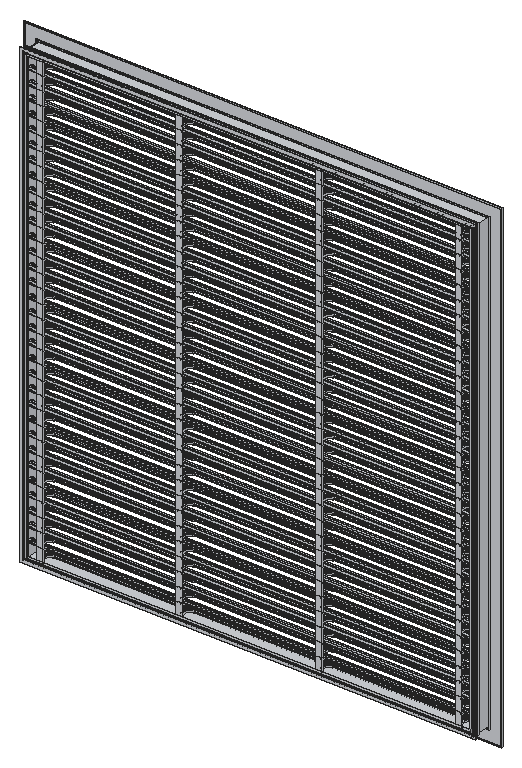
Revit family "NLRS_00_GM_Akoesische muurrooster_ST-445-86_Storax", category Generic Models, Revit 2019
Family settings
  Can host rebar = No
  Round Connector Dimension = Use Diameter
  Part Type = Normal
  Work Plane-Based = Yes
  Always vertical = No
  Cut with Voids When Loaded = Yes
  Shared = No
  Room Calculation Point = No
Parameters
  Width [instance] = 2000 mm
  VerticalSpacingLamel = 60 mm  # constant formula
  Rooster Start = 19 mm
  Rooster End = 19 mm
  LamellendragerHoH [instance] = 500 mm
  LamellendragerArayNumber [instance] = (Width - ArrayStartLeft - ArrayStartRight) / LamellendragerHoH  # 4
  Height [instance] = 2000 mm
  Default Elevation = 1219.2 mm
  Calculated Width Rooster [instance] = Width - Rooster Start - Rooster End  # 1962 mm
  Calculated Heigth Rooster [instance] = Calculated Height - 60 mm  # 1967 mm
  Calculated Height [instance] = round((Height - 47 mm) / VerticalSpacingLamel) * VerticalSpacingLamel + 47 mm  # 2027 mm
  Blade Number MODIFIER [instance] = 0
  Blade Height [instance] = Height - (19 mm * 2)  # 1962 mm
  ArrayStartRight [instance] = ArrayStartLeft  # 80 mm
  ArrayStartLeft [instance] = 80 mm
Reference planes
  plane 1 "Center (Front/Back)": y = 0
  plane 2 "Bottom": z = 0
  plane 3 "Left": x = 0
  plane 4 "Right": x = 2000
  plane 5 "Top": z = 2027
  plane 6: x = 80
  plane 7: x = 1920
  plane 8: z = 2000
  plane 9: x = 19
  plane 10: x = 1981
Forms (mm)
  Sweep 1, solid
    path origin (0, 0, 0) x (1, 0, 0) y (0, 0, 1)
      loop
        line (0, 2027) -> (0, 0) -> (2000, 0) -> (2000, 2027) -> (0, 2027)
    profile "Profiel_ST-445-86 : Profiel_ST-445-86" origin (1000, 0, 2027) x (0, 0, 1) y (0, -1, 0)
      loop
        line (48.66, -5) -> (50, 0) -> (45.5, 0) -> (45.5, -1.25) -> (47.5, -1.25) -> (47.5, -3) -> (-6.8, -3) -> (-6.8, -1.25) -> (-4.8, -1.25) -> (-4.8, 0.515) -> (-6.002, 1.717) -> (-6.305, 0) -> (-8.8, 0) -> (-8.8, -3) -> (-12, -3) -> (-12, 56.8) -> (-8.8, 56.8) -> (-8.8, 54.3) -> (-6.8, 54.3) -> (-6.8, 58.3) -> (-8.35, 58.3) -> (-8.35, 60.05) -> (-9.85, 60.05) -> (-9.85, 58.3) -> (-12, 58.3) -> (-12, 80) -> (-9.85, 80) -> (-9.85, 78.25) -> (-8.35, 78.25) -> (-8.35, 80) -> (-1.283, 80) -> (0, 78.717) -> (0, 81.5) -> (-14, 81.5) -> (-14, 76.5) -> (-18, 76.5) -> (-18, 79.134)
        arc (-18, 79.134) -> (-18, 80.866) -> (-19.5, 80) r 1
        line (-19.5, 80) -> (-19.5, 76.5) -> (-27.5, 76.5) -> (-27.5, 75) -> (-14, 75) -> (-14, -5) -> (48.66, -5)
Dimensions and locks
  "Width": plane 4 "Right" to plane 3 "Left"
  "Calculated Height": plane 5 "Top" to plane 2 "Bottom"
  equal spacing: group 1, group 3, group 4, group 2  (x3)
  "ArrayStartLeft": plane 6 to plane 3 "Left"
  "ArrayStartRight": plane 4 "Right" to plane 7
  "Height": plane 8 to plane 2 "Bottom"
  "Rooster Start": plane 9 to plane 3 "Left"
  "Rooster End": plane 4 "Right" to plane 10
  aligned and locked: level to plane 2 "Bottom"
  aligned and locked: Sweep 1 sketch curve to plane 5 "Top"
  aligned and locked: plane 3 "Left" to Sweep 1 sketch curve
  aligned and locked: Sweep 1 sketch curve to plane 2 "Bottom"
  aligned and locked: Sweep 1 sketch curve to plane 4 "Right"
  aligned and locked: nested 1 to plane 6
  aligned and locked: nested 2 to plane 7
  aligned and locked: nested 3 to plane 9
Nested families
  nested 1: "NLRS_21_GM_Lamellenhouder_ST-060-AC-11-12" at (80, -75, 22.894) x (0, -1, 0) z (0, 0, 1), Length <- "Blade Height", Blade Number MODIFIER <- "Blade Number MODIFIER", type "NLRS_21_GM_Lamellenhouder_ST-060-AC-11-12"
    with Length 1962 mm, Blade Spacing 60 mm, Blade Number MODIFIER 0, Blade Number 33
  nested 2: "NLRS_21_GM_Lamellenhouder_ST-060-AC-11-12" at (1920, -75, 22.894) x (0, -1, 0) z (0, 0, 1), Length <- "Blade Height", Blade Number MODIFIER <- "Blade Number MODIFIER", type "NLRS_21_GM_Lamellenhouder_ST-060-AC-11-12"
    with Length 1962 mm, Blade Spacing 60 mm, Blade Number MODIFIER 0, Blade Number 33
  nested 3: "NLRS_21_GM_Lamellenrooster_ST-060-AC-11-12" at (1000, -60.49, 19) x (0, -1, 0) z (0, 0, 1), Length <- "Calculated Heigth Rooster", Width <- "Calculated Width Rooster", type "NLRS_21_GM_Lamellenrooster_ST-060-AC-11-12"
    with Width 1962 mm, Length 1967 mm, Blade Spacing 60 mm, Blade Number MODIFIER 0, Blade Number 33
  nested 4: "NLRS_21_GM_Lamellenhouder_ST-060-AC-11-12" at (693.333, -75, 22.894) x (0, -1, 0) z (0, 0, 1), Length <- "Blade Height", Blade Number MODIFIER <- "Blade Number MODIFIER", type "NLRS_21_GM_Lamellenhouder_ST-060-AC-11-12"
    with Length 1962 mm, Blade Spacing 60 mm, Blade Number MODIFIER 0, Blade Number 33
  nested 5: "NLRS_21_GM_Lamellenhouder_ST-060-AC-11-12" at (1306.667, -75, 22.894) x (0, -1, 0) z (0, 0, 1), Length <- "Blade Height", Blade Number MODIFIER <- "Blade Number MODIFIER", type "NLRS_21_GM_Lamellenhouder_ST-060-AC-11-12"
    with Length 1962 mm, Blade Spacing 60 mm, Blade Number MODIFIER 0, Blade Number 33
Definition of nested family "NLRS_21_GM_Lamellenhouder_ST-060-AC-11-12"
  Parameters (values of type "NLRS_21_GM_Lamellenhouder_ST-060-AC-11-12")
    Length [instance] = 600 mm
    Blade Spacing [instance] = 60 mm
    Blade Number MODIFIER [instance] = 0
    Blade Number [instance] = (Length / Blade Spacing) + Blade Number MODIFIER  # 10
  Reference planes
    plane 1 "Center (Front/Back)": y = 0
    plane 2: z = 0
    plane 3 "Center (Left/Right)": x = 0
    plane 4: z = 600
    plane 5: z = 60
    plane 6: z = 120
    plane 7: z = 180
    plane 8: z = 240
    plane 9: z = 300
    plane 10: z = 0
    plane 11: z = 60
    plane 12: z = 120
    plane 13: z = 180
    plane 14: z = 240
    plane 15: z = 360
    plane 16: z = 300
    plane 17: z = 420
    plane 18: z = 360
    plane 19: z = 480
    plane 20: z = 420
    plane 21: z = 540
    plane 22: z = 480
    plane 23: z = 600
    plane 24: z = 540
  Dimensions and locks
    equal spacing: group 1, group 2, group 3, group 4, group 5, group 6, group 7, group 8, group 9, group 10  (x3)
    "Blade Spacing": plane 5 to plane 10
    "Length": plane 4 to level
    aligned and locked: level to plane 2
  Nested families
    nested 1: "NLRS_00_GM_PRF_ST-060-AC-11-12" at (0, 0, 0) x (0, -1, 0) z (0, 0, 1), type "NLRS_00_GM_PRF_ST-060-AC-11-12"
    nested 2: "NLRS_00_GM_PRF_ST-060-AC-11-12" at (0, 0, 60) x (0, -1, 0) z (0, 0, 1), type "NLRS_00_GM_PRF_ST-060-AC-11-12"
    nested 3: "NLRS_00_GM_PRF_ST-060-AC-11-12" at (0, 0, 120) x (0, -1, 0) z (0, 0, 1), type "NLRS_00_GM_PRF_ST-060-AC-11-12"
    nested 4: "NLRS_00_GM_PRF_ST-060-AC-11-12" at (0, 0, 180) x (0, -1, 0) z (0, 0, 1), type "NLRS_00_GM_PRF_ST-060-AC-11-12"
    nested 5: "NLRS_00_GM_PRF_ST-060-AC-11-12" at (0, 0, 240) x (0, -1, 0) z (0, 0, 1), type "NLRS_00_GM_PRF_ST-060-AC-11-12"
    nested 6: "NLRS_00_GM_PRF_ST-060-AC-11-12" at (0, 0, 300) x (0, -1, 0) z (0, 0, 1), type "NLRS_00_GM_PRF_ST-060-AC-11-12"
    nested 7: "NLRS_00_GM_PRF_ST-060-AC-11-12" at (0, 0, 360) x (0, -1, 0) z (0, 0, 1), type "NLRS_00_GM_PRF_ST-060-AC-11-12"
    nested 8: "NLRS_00_GM_PRF_ST-060-AC-11-12" at (0, 0, 420) x (0, -1, 0) z (0, 0, 1), type "NLRS_00_GM_PRF_ST-060-AC-11-12"
    nested 9: "NLRS_00_GM_PRF_ST-060-AC-11-12" at (0, 0, 480) x (0, -1, 0) z (0, 0, 1), type "NLRS_00_GM_PRF_ST-060-AC-11-12"
    nested 10: "NLRS_00_GM_PRF_ST-060-AC-11-12" at (0, 0, 540) x (0, -1, 0) z (0, 0, 1), type "NLRS_00_GM_PRF_ST-060-AC-11-12"
  Definition of nested family "NLRS_00_GM_PRF_ST-060-AC-11-12"
    Parameters
      Connector width = 232.51 mm
    Reference planes
      plane 1 "Center (Front/Back)": y = 0
      plane 2: z = 0
      plane 3 "Center (Left/Right)": x = 0
    Forms (mm)
      Sweep 1, solid
        path origin (0, 0, 0) x (1, 0, 0) y (0, 1, 0)
          loop
            line (14, 0) -> (-14, 0)
        profile "NLRS_00_PRF_ST-060-AC-11-12 : NLRS_00_PRF_ST-060-AC-11-12" origin (0, 0, 0) x (0, -1, 0) y (0, 0, 1)
          loop
            line (59.317, -1.551) -> (61.193, -4) -> (62.7, -4)
            arc (62.7, -4) -> (63.148, -3.721) -> (63.097, -3.196) r 0.5
            line (63.097, -3.196) -> (59.833, 1.065) -> (61.013, 2.146) -> (62.362, 0.908)
            arc (62.362, 0.908) -> (62.901, 0.819) -> (63.2, 1.276) r 0.5
            line (63.2, 1.276) -> (63.2, 3.671)
            arc (63.2, 3.671) -> (62.006, 5.502) -> (59.85, 5.147) r 2
            line (59.85, 5.147) -> (59.115, 4.474)
            arc (59.115, 4.474) -> (58.076, 3.975) -> (56.934, 4.131) r 2
            line (56.934, 4.131) -> (31.126, 15.917)
            arc (31.126, 15.917) -> (27.409, 17.191) -> (23.515, 17.713) r 20
            line (23.515, 17.713) -> (3.965, 18.395)
            arc (3.965, 18.395) -> (3.281, 18.7) -> (3, 19.395) r 1
            line (3, 19.395) -> (3, 49.245)
            arc (3, 49.245) -> (3.746, 50.802) -> (5.426, 51.199) r 2
            arc (5.426, 51.199) -> (10.671, 49.093) -> (14.935, 45.385) r 17
            arc (14.935, 45.385) -> (16.062, 44.536) -> (17.453, 44.296) r 3
            arc (17.453, 44.296) -> (18.649, 44.459) -> (19.684, 45.08) r 3
            line (19.684, 45.08) -> (21.901, 47.117)
            arc (21.901, 47.117) -> (22.411, 49.316) -> (20.547, 50.59) r 2
            line (20.547, 50.59) -> (17.044, 50.59) -> (18.78, 48.323) -> (17.598, 47.238) -> (15.328, 49.322)
            arc (15.328, 49.322) -> (9.588, 53.012) -> (2.943, 54.557) r 20
            arc (2.943, 54.557) -> (2.273, 54.869) -> (2, 55.555) r 1
            line (2, 55.555) -> (2, 60) -> (0, 60) -> (0, 0) -> (2.1, 0) -> (2.1, -4) -> (4, -4) -> (4, 2) -> (3, 2) -> (3, 11.168)
            arc (3, 11.168) -> (3.586, 12.582) -> (5, 13.168) r 2
            line (5, 13.168) -> (24.169, 13.168)
            arc (24.169, 13.168) -> (27.297, 12.859) -> (30.304, 11.945) r 16
            line (30.304, 11.945) -> (55.213, 1.604)
            arc (55.213, 1.604) -> (57.473, 0.297) -> (59.317, -1.551) r 10
    Dimensions and locks
      aligned and locked: level to plane 2
Definition of nested family "NLRS_21_GM_Lamellenrooster_ST-060-AC-11-12"
  Parameters (values of type "NLRS_21_GM_Lamellenrooster_ST-060-AC-11-12")
    Width [instance] = 600 mm
    Length [instance] = 600 mm
    Blade Spacing [instance] = 60 mm
    Blade Number MODIFIER [instance] = 0
    Blade Number [instance] = (Length / Blade Spacing) + Blade Number MODIFIER  # 10
  Reference planes
    plane 1 "Center (Front/Back)": y = 0
    plane 2: z = 0
    plane 3 "Center (Left/Right)": x = 0
    plane 4: z = 600
    plane 5: z = 60
    plane 6: z = 0
    plane 7: z = 0
    plane 8: z = 120
    plane 9: z = 60
    plane 10: z = 180
    plane 11: z = 120
    plane 12: z = 240
    plane 13: z = 180
    plane 14: z = 300
    plane 15: z = 240
    plane 16: z = 360
    plane 17: z = 300
    plane 18: z = 420
    plane 19: z = 360
    plane 20: z = 480
    plane 21: z = 420
    plane 22: z = 540
    plane 23: z = 480
    plane 24: z = 600
    plane 25: z = 540
  Dimensions and locks
    "Blade Spacing": plane 5 to plane 6
    "Length": plane 4 to level
    equal spacing: group 1, group 2, group 3, group 4, group 5, group 6, group 7, group 8, group 9, group 10  (x3)
    aligned and locked: level to plane 2
  Nested families
    nested 1: "NLRS_00_GM_PRF_Rooster" at (-63.988, 0, 0) x (0, -1, 0) z (0, 0, 1), Width <- "Width", type "NLRS_00_GM_PRF_Rooster"
      with Width 600 mm, Length 500 mm
    nested 2: "NLRS_00_GM_PRF_Rooster" at (-63.988, 0, 60) x (0, -1, 0) z (0, 0, 1), Width <- "Width", type "NLRS_00_GM_PRF_Rooster"
      with Width 600 mm, Length 500 mm
    nested 3: "NLRS_00_GM_PRF_Rooster" at (-63.988, 0, 120) x (0, -1, 0) z (0, 0, 1), Width <- "Width", type "NLRS_00_GM_PRF_Rooster"
      with Width 600 mm, Length 500 mm
    nested 4: "NLRS_00_GM_PRF_Rooster" at (-63.988, 0, 180) x (0, -1, 0) z (0, 0, 1), Width <- "Width", type "NLRS_00_GM_PRF_Rooster"
      with Width 600 mm, Length 500 mm
    nested 5: "NLRS_00_GM_PRF_Rooster" at (-63.988, 0, 240) x (0, -1, 0) z (0, 0, 1), Width <- "Width", type "NLRS_00_GM_PRF_Rooster"
      with Width 600 mm, Length 500 mm
    nested 6: "NLRS_00_GM_PRF_Rooster" at (-63.988, 0, 300) x (0, -1, 0) z (0, 0, 1), Width <- "Width", type "NLRS_00_GM_PRF_Rooster"
      with Width 600 mm, Length 500 mm
    nested 7: "NLRS_00_GM_PRF_Rooster" at (-63.988, 0, 360) x (0, -1, 0) z (0, 0, 1), Width <- "Width", type "NLRS_00_GM_PRF_Rooster"
      with Width 600 mm, Length 500 mm
    nested 8: "NLRS_00_GM_PRF_Rooster" at (-63.988, 0, 420) x (0, -1, 0) z (0, 0, 1), Width <- "Width", type "NLRS_00_GM_PRF_Rooster"
      with Width 600 mm, Length 500 mm
    nested 9: "NLRS_00_GM_PRF_Rooster" at (-63.988, 0, 480) x (0, -1, 0) z (0, 0, 1), Width <- "Width", type "NLRS_00_GM_PRF_Rooster"
      with Width 600 mm, Length 500 mm
    nested 10: "NLRS_00_GM_PRF_Rooster" at (-63.988, 0, 540) x (0, -1, 0) z (0, 0, 1), Width <- "Width", type "NLRS_00_GM_PRF_Rooster"
      with Width 600 mm, Length 500 mm
  Definition of nested family "NLRS_00_GM_PRF_Rooster"
    Parameters (values of type "NLRS_00_GM_PRF_Rooster")
      Width [instance] = 900 mm
      Length [instance] = 500 mm
      Connector width = 232.51 mm
    Reference planes
      plane 1 "Center (Front/Back)": y = 0
      plane 2: z = 0
      plane 3 "Center (Left/Right)": x = 0
      plane 4: x = -450
      plane 5: x = 450
    Forms (mm)
      Sweep 1, solid
        path origin (0, 0, 0) x (1, 0, 0) y (0, 1, 0)
          loop
            line (450, 0) -> (-450, 0)
        profile "NLRS_00_GM_PRF_Akoestische Rooster : NLRS_00_GM_PRF_Akoestische Rooster" origin (0, 0, 0) x (0, -1, 0) y (0, 0, 1)
          loop
            line (18.592, 5.027) -> (17.485, 6.04) -> (14.438, 2.707)
            arc (14.438, 2.707) -> (13.984, 2.369) -> (13.437, 2.223) r 1.5
            line (13.437, 2.223) -> (4.286, 1.574)
            arc (4.286, 1.574) -> (1.972, 1.672) -> (1.669, 3.967) r 1.8
            line (1.669, 3.967) -> (1.518, 12.145)
            arc (1.518, 12.145) -> (1.316, 13.803) -> (2.564, 14.914) r 1.8
            line (2.564, 14.914) -> (48.879, 65.56)
            arc (48.879, 65.56) -> (49.874, 66.903) -> (51.544, 66.849) r 1.8
            line (51.544, 66.849) -> (59.702, 67.427)
            arc (59.702, 67.427) -> (62.016, 67.33) -> (62.319, 65.035) r 1.8
            line (62.319, 65.035) -> (62.489, 55.862)
            arc (62.489, 55.862) -> (62.392, 55.304) -> (62.096, 54.822) r 1.5
            line (62.096, 54.822) -> (59.731, 52.236) -> (60.838, 51.223) -> (63.203, 53.81)
            arc (63.203, 53.81) -> (63.795, 54.774) -> (63.988, 55.89) r 3
            line (63.988, 55.89) -> (63.801, 66.057)
            arc (63.801, 66.057) -> (62.826, 68.216) -> (60.589, 68.994) r 3
            line (60.589, 68.994) -> (50.445, 68.275)
            arc (50.445, 68.275) -> (49.351, 67.983) -> (48.444, 67.307) r 3
            line (48.444, 67.307) -> (0.786, 15.192)
            arc (0.786, 15.192) -> (0.193, 14.227) -> (0, 13.112) r 3
            line (0, 13.112) -> (0.188, 2.945)
            arc (0.188, 2.945) -> (1.163, 0.786) -> (3.399, 0.008) r 3
            line (3.399, 0.008) -> (13.543, 0.727)
            arc (13.543, 0.727) -> (14.637, 1.019) -> (15.545, 1.695) r 3
            line (15.545, 1.695) -> (18.592, 5.027)
    Dimensions and locks
      equal spacing: plane 5, plane 3 "Center (Left/Right)", plane 4
      "Width": plane 5 to plane 4
      aligned and locked: level to plane 2
      aligned and locked: plane 4 to Sweep 1 sketch curve
      aligned and locked: plane 5 to Sweep 1 sketch curve
    Automatic sketch dimensions
      plane 1 "Center (Front/Back)" to Sweep 1 sketch curve = 0 mm
